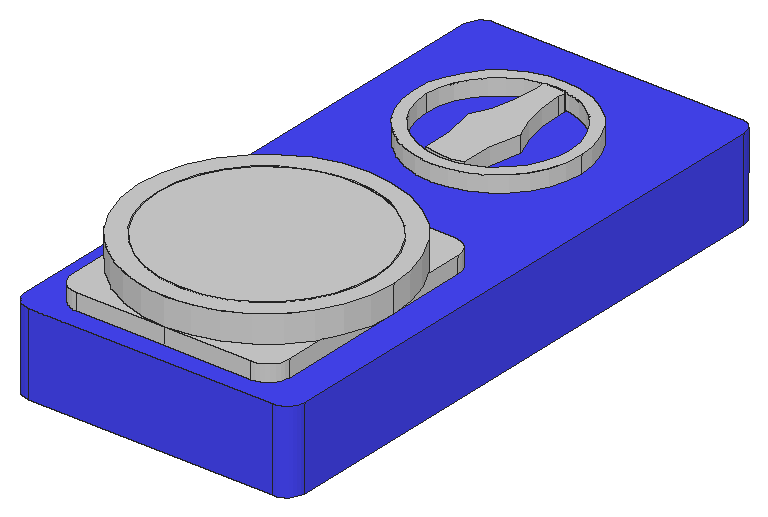
Revit family "Building-ConnessioniIEC309-GEWISS-67IB-PRESE-INTERBLOCCATE_IP67_SENZA_FONDO_63A_FUS", category Apparecchi elettrici, host Superficie, Revit 2019
Family settings
  Host = Superficie
  Mantenere orientamento annotazione = Sì
  Quota connettore circolare = Usa diametro
  Tipo di parte = Normale
  Taglio con vuoti quando caricato = Sì
  Condiviso = Sì
  Punto di calcolo locali = Sì
Parameters (values of type "GW66355N - PR.BL IP67 S.F.3P+N+T 63A 500V 7H CBF")
  presa = rosso
  giallo = 0 mm
  dist_piano [instance] = 0 mm
  Vista_2d_pianta [instance] = yes
  Versione file RFA = "21.4"
  URL = "https://www.gewiss.com/it/it"
  Tipologia = "Verticale"
  Tipo fusibile = "Ø 22x58 mm"
  Termopressione con biglia = "125 °C"
  Tensione nominale: = "480 - 500 V"
  Tensione nominale di tenuta ad impulso = "4KV"
  Tensione nominale di isolamento (Ui) = "500V"
  Tensione nominale = "480 - 500 V"
  Temperatura di utilizzo = "-25 +40 °C"
  Temperatura di funzionamento = "-25 ÷ +40 °C"
  Struttura = Grigio RAL - 7035
  Simbolo presa = PRESAINDSTAGNA : 3P
  Simbolo [instance] = no
  Simb_circuito [instance] = not(Simbolo)  # yes
  Scheda Tecnica = "https://www.gewiss.com/it/it/search?q=GW66355N"
  SEO = "Presa"
  Riferimento h = "7"
  Resistenza agli urti = "IK08"
  Protezione = "Base portafusibile (CBF)"
  Default Elevation = 1219.2 mm
  Produttore = "GEWISS S.p.A."
  Potere di interruzione fusibili = "> 50 kA"
  Peso (kg) = "Max. 2,2 Kg"
  Peso = "Max. 2,2 Kg"
  Numero di poli = "3P+N+T"
  N. poli = "3P+N+T"
  Modello = "GW66355N"
  Immagine tipo = H.jpg
  IDT = "4db8474b-84e3-4347-92c1-42259bd8bc9a"
  IDF = "4c4d9059-d908-47b0-b065-80ef8b62f6a7"
  Grado di protezione = "IP67"
  Glow wire test: = "850 °C"
  Glow Wire Test = "850 °C"
  Frequenza nominale (Hz) = "50/60 Hz"
  Frequenza = "50/60 Hz"
  Distanza x [instance] = 0 mm
  Distanza orizzontale simbolo [instance] = 0 mm
  Distanza effettiva x [instance] = 1500 mm - Distanza x  # 1500 mm
  Descrizione = "PR.BL IP67 S.F.3P+N+T 63A 500V 7H CBF"
  Creato da GEWISS S.p.A. = ""
  Corrente nominale di cortocircuito (Icc) = "10KA"
  Corrente nominale (In) presa IB = "48A"
  Corrente nominale (In) = "63"
  Corrente nominale (A) = "63"
  Corpo presa = GEWISS -BLU
  Cornice simbolo [instance] = yes
  Con fondo = "No"
  Colore: = "Nero"
  Colore = "Nero"
  Codice Electrocod = "2222"
  Codice EAN = "8011564742109"
  Catalogo Serie = "67 IB"
  Catalogo = "BUILDING"
  COBie.Tagnumber = ""
  COBie.CreatedOn = ""
  COBie.CreatebBy = ""
  COBie.ComponentRegisterItemID = ""
  COBie.Component.TagNumber = ""
  COBie.Component.Space = ""
  COBie.Component.SerialNumber = ""
  COBie.Component.InstallationDate = ""
  COBie.Component.Description = ""
  COBie.Component.BarCode = ""
Types (11, lengths in mm): name | Tensione nominale: | Tensione nominale | Scheda Tecnica | Riferimento h | Numero di poli | N. poli | Modello | IDT | Descrizione | Corrente nominale (In) presa IB | Colore: | Colore | Codice EAN
  GW66345N - PR.BL IP67 S.F.2P+T 63A 110V 4H CBF | "100 - 130 V" | "100 - 130 V" | "https://www.gewiss.com/it/it/search?q=GW66345N" | "4" | "2P+T" | "2P+T" | "GW66345N" | "4b837fe5-e4c2-4626-a97d-cca6ee99e685" | "PR.BL IP67 S.F.2P+T 63A 110V 4H CBF" | "54A" | "Giallo" | "Giallo" | "8011564742000"
  GW66346N - PR.BL IP67 S.F.3P+T 63A 110V 4H CBF | "100 - 130 V" | "100 - 130 V" | "https://www.gewiss.com/it/it/search?q=GW66346N" | "4" | "3P+T" | "3P+T" | "GW66346N" | "4c4410a6-467e-420a-9df7-8cc6c2932e27" | "PR.BL IP67 S.F.3P+T 63A 110V 4H CBF" | "52A" | "Giallo" | "Giallo" | "8011564742017"
  GW66347N - PR.BL IP67 S.F.3P+N+T 63A 110V 4H CBF | "100 - 130 V" | "100 - 130 V" | "https://www.gewiss.com/it/it/search?q=GW66347N" | "4" | "3P+N+T" | "3P+N+T" | "GW66347N" | "509b2adc-6624-4ef6-a389-740a951d5000" | "PR.BL IP67 S.F.3P+N+T 63A 110V 4H CBF" | "48A" | "Giallo" | "Giallo" | "8011564742024"
  GW66348N - PR.BL IP67 S.F.2P+T 63A 230V 6H CBF | "200 - 250 V" | "200 - 250 V" | "https://www.gewiss.com/it/it/search?q=GW66348N" | "6" | "2P+T" | "2P+T" | "GW66348N" | "b3ab9795-cf69-4349-9b47-740c6045b857" | "PR.BL IP67 S.F.2P+T 63A 230V 6H CBF" | "54A" | "Blu" | "Blu" | "8011564742031"
  GW66349N - PR.BL IP67 S.F.3P+T 63A 230V 9H CBF | "200 - 250 V" | "200 - 250 V" | "https://www.gewiss.com/it/it/search?q=GW66349N" | "9" | "3P+T" | "3P+T" | "GW66349N" | "02896c08-89f6-43bd-8194-13a8c1370ac5" | "PR.BL IP67 S.F.3P+T 63A 230V 9H CBF" | "52A" | "Blu" | "Blu" | "8011564742048"
  GW66350N - PR.BL IP67 S.F.3P+N+T 63A 230V 9H CBF | "200 - 250 V" | "200 - 250 V" | "https://www.gewiss.com/it/it/search?q=GW66350N" | "9" | "3P+N+T" | "3P+N+T" | "GW66350N" | "41c149cf-6bbd-433c-a3c7-372eb4135184" | "PR.BL IP67 S.F.3P+N+T 63A 230V 9H CBF" | "48A" | "Blu" | "Blu" | "8011564742055"
  GW66351N - PR.BL IP67 S.F.2P+T 63A 400V 9H CBF | "380 - 415 V" | "380 - 415 V" | "https://www.gewiss.com/it/it/search?q=GW66351N" | "9" | "2P+T" | "2P+T" | "GW66351N" | "141da110-bcb7-4cb5-b342-2def1369f166" | "PR.BL IP67 S.F.2P+T 63A 400V 9H CBF" | "54A" | "Rosso" | "Rosso" | "8011564742062"
  GW66352N - PR.BL IP67 S.F.3P+T 63A 400V 6H CBF | "380 - 415 V" | "380 - 415 V" | "https://www.gewiss.com/it/it/search?q=GW66352N" | "6" | "3P+T" | "3P+T" | "GW66352N" | "225a84bf-1993-4016-8b32-75fc2fcac37d" | "PR.BL IP67 S.F.3P+T 63A 400V 6H CBF" | "52A" | "Rosso" | "Rosso" | "8011564742079"
  GW66353N - PR.BL IP67 S.F.3P+N+T 63A 400V 6H CBF | "380 - 415 V" | "380 - 415 V" | "https://www.gewiss.com/it/it/search?q=GW66353N" | "6" | "3P+N+T" | "3P+N+T" | "GW66353N" | "61b4eed7-4850-4a25-95e5-51eea97569ed" | "PR.BL IP67 S.F.3P+N+T 63A 400V 6H CBF" | "48A" | "Rosso" | "Rosso" | "8011564742086"
  GW66354N - PR.BL IP67 S.F.3P+T 63A 500V 7H CBF | "480 - 500 V" | "480 - 500 V" | "https://www.gewiss.com/it/it/search?q=GW66354N" | "7" | "3P+T" | "3P+T" | "GW66354N" | "96b87499-3bd7-40db-951f-f2ee8e7f33d6" | "PR.BL IP67 S.F.3P+T 63A 500V 7H CBF" | "52A" | "Nero" | "Nero" | "8011564742093"
  GW66355N - PR.BL IP67 S.F.3P+N+T 63A 500V 7H CBF | "480 - 500 V" | "480 - 500 V" | "https://www.gewiss.com/it/it/search?q=GW66355N" | "7" | "3P+N+T" | "3P+N+T" | "GW66355N" | "4db8474b-84e3-4347-92c1-42259bd8bc9a" | "PR.BL IP67 S.F.3P+N+T 63A 500V 7H CBF" | "48A" | "Nero" | "Nero" | "8011564742109"
Reference planes
  plane 1 "Centro (Fronte/Retro)": y = 0
  plane 2: z = 0
  plane 3 "Centro (Sinistra/Destra)": x = 0
  plane 4: z = -2
  plane 5: x = 0
  plane 6: x = -1500
  plane 7: x = 0
  plane 8: through (-170.762, -4572, -38.353) normal (-0.6157, 0, 0.788)
  plane 9: x = -51.152
  plane 10: x = 53.222
  plane 11: z = -2
  plane 12: y = -110
  plane 13: y = 110
  plane 14: z = -2
  plane 15: z = 45
Forms (mm)
  Extrusion 1, solid, detail levels coarse
    sketch origin (0, 0, 0) x (1, 0, 0) y (0, 0, 1)
      loop
        line (-51.152, 45) -> (-51.152, -2) -> (53.222, -2) -> (53.222, 45) -> (-51.152, 45)
    from -108.895 to 109.105
Lines and regions (mm)
  Masking region 1, visible <- "Vista_2d_pianta"
    outline origin (0, 0, 0) x (1, 0, 0) y (0, 0, 1)
      loop
        line (-50.384, 28) -> (-50.384, -2) -> (52.616, -2) -> (52.616, 28) -> (-50.384, 28)
  Masking region 2, visible <- "Vista_2d_pianta"
    outline origin (0, 0, 0) x (1, 0, 0) y (0, 0, 1)
      loop
        line (-40, 34) -> (-40, 28) -> (40, 28) -> (40, 34) -> (-40, 34)
  Masking region 3, visible <- "Vista_2d_pianta"
    outline origin (0, 0, 0) x (1, 0, 0) y (0, 0, 1)
      loop
        line (-46.899, 34) -> (46.899, 34) -> (46.899, 44) -> (-46.899, 44) -> (-46.899, 34)
Dimensions and locks
  locked: plane 2 to plane 4 at 2
  "Distanza effettiva x": plane 5 to plane 6
  plane 3 "Centro (Sinistra/Destra)" to plane 6 = 1500 mm
  plane 6 to plane 5 = 1500 mm
  "Distanza effettiva x": plane 6 to plane 7
  locked: plane 9 to Masking region 1 at 0.768
  locked: Masking region 1 to plane 10 at 0.606
  "dist_piano": plane 14 to plane 4
  equal spacing: plane 12, plane 1 "Centro (Fronte/Retro)", plane 13
  locked: plane 12 to plane 13 at 220
  locked: plane 11 to plane 14 at 0
  locked: plane 15 to plane 11 at 47
  angle plane 8 to plane 4 = 142.00°
  angle plane 7 to plane 8 = 128.00°
  aligned and locked: plane 2 to host face
  aligned and locked: level to host face
  aligned and locked: plane 3 "Centro (Sinistra/Destra)" to nested 1
  aligned and locked: Masking region 1 sketch curve to nested 1  (x4)
  aligned and locked: Masking region 2 sketch curve to nested 1  (x4)
  aligned and locked: Extrusion 1 sketch curve to plane 9
  aligned and locked: Extrusion 1 sketch curve to plane 10
  aligned and locked: nested 1 to plane 11
  aligned and locked: Masking region 3 sketch curve to nested 1  (x4)
  aligned and locked: Extrusion 1 to plane 14
  aligned and locked: plane 15 to Extrusion 1
  aligned and locked: plane 7 to nested 2
  aligned and locked: plane 7 to nested 3
Automatic sketch dimensions
  host sketch curve to host sketch curve = 2438.4 mm  (x2)
  Extrusion 1 sketch curve to plane 11 = 0 mm
  plane 11 to Extrusion 1 sketch curve = 47 mm
Nested families
  nested 1: "IB PRESE INTERBLOC VERT_NO FONDO" at (0, 0, -2), type "IB PRESE INTERBLOC VERT_NO FONDO", detail levels medium+fine
  nested 2: "simbolo_circuitoGW66324N" at (0, 30.442, 0), Distanza dal muro <- "Distanza orizzontale simbolo", SIMBOLO ACCESO <- "Simb_circuito", visible <- "Simb_circuito", type "3P"
    with SIMBOLO ACCESO yes, Distanza dal muro 0 mm, BORDO ACCESO yes
  nested 3: "PRESAINDPFUS_BASE" at (0, 23.722, 0), visible <- "Simbolo", type "2P"
Definition of nested family "IB PRESE INTERBLOC VERT_NO FONDO"
  Parameters (values of type "IB PRESE INTERBLOC VERT_NO FONDO")
    corpo presa = none
    Struttura = none
    Spessore = 30 mm
    Raggio = 40 mm
    Default Elevation = 14 mm
    Presa = none
    Lunghezza = 103 mm
    IFC.TypeObject = ""
    IFC.ExportType = ""
    IFC.ExportAs = ""
    H_da terra = 586.883 mm
    COBie.CreatedOn = ""
    COBie.CreatebBy = ""
    COBie.ComponentRegisterItemID = ""
    COBie.Component.TagNumber = ""
    COBie.Component.Space = ""
    COBie.Component.SerialNumber = ""
    COBie.Component.InstallationDate = ""
    COBie.Component.Description = ""
    COBie.Component.BarCode = ""
    Altezza = 220 mm
  Reference planes
    plane 1 "Centro (Fronte/Retro)": y = 0
    plane 2: z = 0
    plane 3 "Centro (Sinistra/Destra)": x = 0
    plane 4: z = 6.883
    plane 5: z = 10.499
    plane 6 "presa": z = 46
    plane 7: z = 36
    plane 8: z = 30
    plane 9: x = -40
    plane 10: x = 40
    plane 11: y = -5.355
    plane 12: y = -98.612
    plane 13: y = -51.359
  Forms (mm)
    Extrusion 1, solid, material <- "Struttura"
      sketch origin (0, -697.104, -30) x (1, 0, 0) y (0, 1, 0)
        loop
          line (-0.408, 691.748) -> (-32.003, 691.748)
          spline (-32.003, 691.748) -> (-33.047, 691.681) -> (-34.073, 691.48) -> (-35.063, 691.148) -> (-36.002, 690.693) -> (-36.871, 690.12) -> (-37.658, 689.441) -> (-38.347, 688.666) -> (-38.929, 687.809) -> (-39.391, 686.885) -> (-39.728, 685.909) -> (-39.932, 684.898) -> (-40, 683.87)
          line (-40, 683.87) -> (-40, 606.37)
          spline (-40, 606.37) -> (-39.932, 605.341) -> (-39.728, 604.331) -> (-39.391, 603.355) -> (-38.929, 602.43) -> (-38.347, 601.574) -> (-37.658, 600.799) -> (-36.871, 600.119) -> (-36.002, 599.547) -> (-35.063, 599.091) -> (-34.073, 598.76) -> (-33.047, 598.559) -> (-32.003, 598.491)
          line (-32.003, 598.491) -> (0, 598.491) -> (32.003, 598.491)
          spline (32.003, 598.491) -> (33.047, 598.559) -> (34.073, 598.76) -> (35.063, 599.091) -> (36.002, 599.547) -> (36.871, 600.119) -> (37.658, 600.799) -> (38.347, 601.574) -> (38.929, 602.43) -> (39.391, 603.355) -> (39.728, 604.331) -> (39.932, 605.341) -> (40, 606.37)
          line (40, 606.37) -> (40, 683.87)
          spline (40, 683.87) -> (39.932, 684.898) -> (39.728, 685.909) -> (39.391, 686.885) -> (38.929, 687.809) -> (38.347, 688.666) -> (37.658, 689.441) -> (36.871, 690.12) -> (36.002, 690.693) -> (35.063, 691.148) -> (34.073, 691.48) -> (33.047, 691.681) -> (32.003, 691.748)
          line (32.003, 691.748) -> (-0.408, 691.748)
      from 60 to 66
    Extrusion 2, solid, material <- "Presa"
      sketch origin (0, -700.854, -30) x (1, 0, 0) y (0, 1, 0)
        loop
          circle (0, 649.495) r 46.899
        loop
          circle (0, 649.495) r 40
      from 66 to 76
    Extrusion 3, solid, material <- "Struttura"
      sketch origin (0, -697.104, -30) x (1, 0, 0) y (0, 1, 0)
        loop
          circle (0, 752.384) r 30.831
        loop
          circle (0, 752.384) r 26.483
      from 60 to 66
    Extrusion 4, solid, material <- "Struttura"
      sketch origin (0, -697.104, -30) x (1, 0, 0) y (0, 1, 0)
        loop
          arc (-9.552, 750.899) -> (-7.429, 739.645) -> (-7.314, 728.193) r 64.983
          arc (-7.314, 728.193) -> (-0.131, 727.067) -> (7.064, 728.115) r 24.316
          arc (7.064, 728.115) -> (7.302, 739.566) -> (9.547, 750.796) r 64.983
          arc (9.547, 750.796) -> (5.519, 762.425) -> (4.215, 774.661) r 54.251
          line (4.215, 774.661) -> (4.25, 777.658)
          arc (4.25, 777.658) -> (3.985, 778.329) -> (3.336, 778.647) r 1
          arc (3.336, 778.647) -> (0.147, 778.794) -> (-3.043, 778.682) r 39.364
          arc (-3.043, 778.682) -> (-3.695, 778.371) -> (-3.967, 777.702) r 1
          line (-3.967, 777.702) -> (-3.964, 774.706)
          arc (-3.964, 774.706) -> (-5.4, 762.483) -> (-9.552, 750.899) r 54.251
      from 60 to 66
    Extrusion 5, solid, material <- "corpo presa"
      sketch origin (-2.5, -699.604, -30) x (1, 0, 0) y (0, 1, 0)
        loop
          arc (55.116, 802.193) -> (53.269, 806.652) -> (48.81, 808.499) r 6.306
          line (48.81, 808.499) -> (-41.578, 808.499)
          arc (-41.578, 808.499) -> (-46.037, 806.652) -> (-47.884, 802.193) r 6.306
          line (-47.884, 802.193) -> (-47.884, 600.052)
          arc (-47.884, 600.052) -> (-45.976, 595.446) -> (-41.369, 593.537) r 6.515
          line (-41.369, 593.537) -> (48.601, 593.537)
          arc (48.601, 593.537) -> (53.208, 595.446) -> (55.116, 600.052) r 6.515
          line (55.116, 600.052) -> (55.116, 802.193)
      from 30 to 60
    Extrusion 6, solid, material <- "Struttura", not visible
      sketch origin (0, 47.014, -580) x (1, 0, 0) y (0, 0, 1)
        loop
          line (-0.408, 691.748) -> (-29.506, 691.748)
          spline (-29.506, 691.748) -> (-30.55, 691.681) -> (-31.576, 691.48) -> (-32.567, 691.148) -> (-33.505, 690.693) -> (-34.375, 690.12) -> (-35.161, 689.441) -> (-35.851, 688.666) -> (-36.432, 687.809) -> (-36.895, 686.885) -> (-37.231, 685.909) -> (-37.435, 684.898) -> (-37.503, 683.87)
          line (-37.503, 683.87) -> (-37.503, 615.12)
          spline (-37.503, 615.12) -> (-37.435, 614.091) -> (-37.231, 613.081) -> (-36.895, 612.105) -> (-36.432, 611.18) -> (-35.851, 610.324) -> (-35.161, 609.549) -> (-34.375, 608.869) -> (-33.505, 608.297) -> (-32.567, 607.841) -> (-31.576, 607.51) -> (-30.55, 607.309) -> (-29.506, 607.241)
          line (-29.506, 607.241) -> (0, 607.241) -> (29.506, 607.241)
          spline (29.506, 607.241) -> (30.55, 607.309) -> (31.576, 607.51) -> (32.567, 607.841) -> (33.505, 608.297) -> (34.375, 608.869) -> (35.161, 609.549) -> (35.851, 610.324) -> (36.432, 611.18) -> (36.895, 612.105) -> (37.231, 613.081) -> (37.435, 614.091) -> (37.503, 615.12)
          line (37.503, 615.12) -> (37.503, 683.87)
          spline (37.503, 683.87) -> (37.435, 684.898) -> (37.231, 685.909) -> (36.895, 686.885) -> (36.432, 687.809) -> (35.851, 688.666) -> (35.161, 689.441) -> (34.375, 690.12) -> (33.505, 690.693) -> (32.567, 691.148) -> (31.576, 691.48) -> (30.55, 691.681) -> (29.506, 691.748)
          line (29.506, 691.748) -> (-0.408, 691.748)
      from 51.991 to 55.821
    Extrusion 7, solid, material <- "Presa", not visible
      sketch origin (0, 47.014, -580) x (1, 0, 0) y (0, 0, 1)
        loop
          circle (0, 646.456) r 46.899
      from 55.821 to 62.709
    Extrusion 8, solid, material <- "Struttura", not visible
      sketch origin (0, 47.014, -580) x (1, 0, 0) y (0, 0, 1)
        loop
          circle (0, 752.384) r 30.831
        loop
          circle (0, 752.384) r 26.483
      from 51.991 to 62.709
    Extrusion 9, solid, material <- "Struttura", not visible
      sketch origin (0, 47.014, -580) x (1, 0, 0) y (0, 0, 1)
        loop
          arc (-9.552, 750.899) -> (-7.429, 739.645) -> (-7.314, 728.193) r 64.983
          arc (-7.314, 728.193) -> (-0.131, 727.067) -> (7.064, 728.115) r 24.316
          arc (7.064, 728.115) -> (7.302, 739.566) -> (9.547, 750.796) r 64.983
          arc (9.547, 750.796) -> (5.519, 762.425) -> (4.215, 774.661) r 54.251
          line (4.215, 774.661) -> (4.25, 777.658)
          arc (4.25, 777.658) -> (3.985, 778.329) -> (3.336, 778.647) r 1
          arc (3.336, 778.647) -> (0.147, 778.794) -> (-3.043, 778.682) r 39.364
          arc (-3.043, 778.682) -> (-3.695, 778.371) -> (-3.967, 777.702) r 1
          line (-3.967, 777.702) -> (-3.964, 774.706)
          arc (-3.964, 774.706) -> (-5.4, 762.483) -> (-9.552, 750.899) r 54.251
      from 51.991 to 62.709
    Extrusion 10, solid, material <- "corpo presa", not visible
      sketch origin (0, 47.014, -580) x (1, 0, 0) y (0, 0, 1)
        loop
          arc (47.884, 796.962) -> (46.037, 801.42) -> (41.578, 803.267) r 6.306
          line (41.578, 803.267) -> (-41.578, 803.267)
          arc (-41.578, 803.267) -> (-46.037, 801.42) -> (-47.884, 796.962) r 6.306
          line (-47.884, 796.962) -> (-47.884, 597.014)
          arc (-47.884, 597.014) -> (-45.976, 592.407) -> (-41.369, 590.499) r 6.515
          line (-41.369, 590.499) -> (41.369, 590.499)
          arc (41.369, 590.499) -> (45.976, 592.407) -> (47.884, 597.014) r 6.515
          line (47.884, 597.014) -> (47.884, 796.962)
      from 30 to 51.991
    Extrusion 11, solid, material <- "Struttura"
      sketch origin (1.116, -3.75, 0) x (1, 0, 0) y (0, 1, 0)
        loop
          circle (-1.116, -47.609) r 40
      from 36 to 46
  Lines and regions (mm)
    symbolic lines
      curve 1: line (0, 0, 46) -> (0, -106.066, 46)
      curve 2: line (-40, -51.359, 46) -> (40, -51.359, 46)
  Dimensions and locks
    locked: plane 5 to plane 4 at 3.616
    Extrusion 5 sketch curve to Extrusion 5 sketch curve = 103 mm
    plane 6 "presa" to plane 2 = 46 mm
    locked: plane 7 to plane 6 "presa" at 10
    plane 8 to plane 2 = 30 mm
    locked: plane 8 to plane 7 at 6
    equal spacing: plane 9, plane 3 "Centro (Sinistra/Destra)", plane 10
    locked: plane 9 to plane 10 at 80
    Extrusion 1 to Extrusion 1 = 93.257 mm
    "Raggio": radius of Extrusion 11 sketch curve
    "Raggio": radius of Extrusion 2 sketch curve
    aligned and locked: level to plane 2
    aligned and locked: Extrusion 3 to Extrusion 5
    aligned and locked: Extrusion 4 to Extrusion 3
    aligned and locked: Extrusion 3 to Extrusion 4
    aligned and locked: Extrusion 2 to Extrusion 1
    aligned and locked: Extrusion 5 to level
    aligned and locked: plane 6 "presa" to Extrusion 2
    aligned and locked: Extrusion 11 to Extrusion 1
    aligned and locked: plane 6 "presa" to Extrusion 11
    aligned and locked: Extrusion 1 to plane 7
    aligned and locked: Extrusion 5 to plane 8
    aligned and locked: plane 8 to Extrusion 1
    aligned and locked: Extrusion 3 to plane 7
    aligned and locked: curve 1 to plane 3 "Centro (Sinistra/Destra)"
    aligned and locked: Extrusion 1 sketch curve to plane 9
    aligned and locked: Extrusion 1 sketch curve to plane 10
    aligned and locked: plane 12 to Extrusion 1 sketch curve
    aligned and locked: curve 2 to plane 13
    aligned and locked: plane 3 "Centro (Sinistra/Destra)" to Extrusion 11 sketch curve
    aligned and locked: plane 13 to Extrusion 11 sketch curve
  Automatic sketch dimensions
    Extrusion 1 sketch curve to plane 3 "Centro (Sinistra/Destra)" = 0 mm
    Extrusion 1 sketch curve to plane 3 "Centro (Sinistra/Destra)" = 0.408 mm
    Extrusion 1 sketch curve to Extrusion 1 sketch curve = 32.003 mm
    plane 1 "Centro (Fronte/Retro)" to Extrusion 1 sketch curve = 5.355 mm
    Extrusion 1 sketch curve to Extrusion 1 sketch curve = 7.997 mm  (x2)
    plane 3 "Centro (Sinistra/Destra)" to Extrusion 1 sketch curve = 32.003 mm
    Extrusion 1 sketch curve to Extrusion 1 sketch curve = 7.878 mm  (x3)
    Extrusion 3 sketch curve to Extrusion 3 sketch curve = 0 mm  (x2)
    Extrusion 3 sketch curve to plane 3 "Centro (Sinistra/Destra)" = 0 mm
    Extrusion 3 sketch curve to plane 1 "Centro (Fronte/Retro)" = 55.28 mm
    Extrusion 4 sketch curve to plane 3 "Centro (Sinistra/Destra)" = 0 mm
    Extrusion 4 sketch curve to plane 3 "Centro (Sinistra/Destra)" = 0.064 mm
    Extrusion 4 sketch curve to plane 3 "Centro (Sinistra/Destra)" = 2.967 mm
    Extrusion 4 sketch curve to Extrusion 4 sketch curve = 0.997 mm
    Extrusion 4 sketch curve to Extrusion 4 sketch curve = 1 mm  (x2)
    Extrusion 4 sketch curve to Extrusion 4 sketch curve = 54.251 mm
    Extrusion 4 sketch curve to Extrusion 4 sketch curve = 13.883 mm
    plane 3 "Centro (Sinistra/Destra)" to Extrusion 4 sketch curve = 3.25 mm
    Extrusion 4 sketch curve to Extrusion 4 sketch curve = 0.965 mm
    Extrusion 4 sketch curve to Extrusion 4 sketch curve = 54.25 mm
    Extrusion 4 sketch curve to Extrusion 4 sketch curve = 13.435 mm
    Extrusion 4 sketch curve to plane 1 "Centro (Fronte/Retro)" = 35.393 mm
    Extrusion 4 sketch curve to plane 1 "Centro (Fronte/Retro)" = 36.167 mm
    Extrusion 4 sketch curve to plane 1 "Centro (Fronte/Retro)" = 42.327 mm
    Extrusion 4 sketch curve to Extrusion 4 sketch curve = 11.953 mm
    Extrusion 4 sketch curve to Extrusion 4 sketch curve = 41.757 mm
    Extrusion 4 sketch curve to Extrusion 4 sketch curve = 23.278 mm
    Extrusion 4 sketch curve to Extrusion 4 sketch curve = 0.044 mm
    Extrusion 4 sketch curve to Extrusion 4 sketch curve = 41.61 mm
    Extrusion 4 sketch curve to Extrusion 4 sketch curve = 2.99 mm
    Extrusion 4 sketch curve to Extrusion 4 sketch curve = 0.007 mm
    Extrusion 4 sketch curve to Extrusion 4 sketch curve = 2.979 mm
    Extrusion 4 sketch curve to Extrusion 4 sketch curve = 0.018 mm
    Extrusion 4 sketch curve to Extrusion 4 sketch curve = 0 mm
    Extrusion 4 sketch curve to plane 3 "Centro (Sinistra/Destra)" = 7.314 mm
    Extrusion 4 sketch curve to Extrusion 4 sketch curve = 9.552 mm
    plane 3 "Centro (Sinistra/Destra)" to Extrusion 4 sketch curve = 7.064 mm
    Extrusion 5 sketch curve to plane 3 "Centro (Sinistra/Destra)" = 50.384 mm
    Extrusion 5 sketch curve to Extrusion 5 sketch curve = 6.306 mm  (x2)
    Extrusion 5 sketch curve to Extrusion 5 sketch curve = 6.515 mm  (x2)
    Extrusion 5 sketch curve to plane 1 "Centro (Fronte/Retro)" = 102.59 mm
    Extrusion 1 sketch curve to plane 12 = 7.878 mm
    plane 12 to Extrusion 5 sketch curve = 0.939 mm
    plane 1 "Centro (Fronte/Retro)" to curve 1 = 0 mm
    curve 2 to plane 9 = 0 mm
    curve 2 to plane 10 = 0 mm
    plane 12 to curve 1 = 7.454 mm
    Extrusion 2 sketch curve to Extrusion 2 sketch curve = 0 mm  (x2)
    Extrusion 2 sketch curve to plane 3 "Centro (Sinistra/Destra)" = 0 mm
    Extrusion 2 sketch curve to plane 13 = 0 mm
    radius of Extrusion 3 sketch curve = 30.831 mm
    radius of Extrusion 3 sketch curve = 26.483 mm
    radius of Extrusion 2 sketch curve = 46.899 mm
Definition of nested family "simbolo_circuitoGW66324N"
  Parameters (values of type "3P")
    SIMBOLO ACCESO [instance] = yes
    SIMBOLO = PRESAINDSTAGNA_BASE : 3P
    Distanza dal muro [instance] = 0 mm
    BORDO ACCESO [instance] = yes
  Reference planes
    plane 1: y = 0
    plane 2: x = 0
  Dimensions and locks
    "Distanza dal muro": plane 1 to nested 1
    aligned and locked: plane 2 to nested 1
  Nested families
    nested 1: "GW66201N-simb_base_di circuito" at (0, 0, 0), visible <- "SIMBOLO ACCESO", type "3P"
      with CORNICE SIMBOLO yes
  Definition of nested family "GW66201N-simb_base_di circuito"
    Parameters (values of type "3P")
      CORNICE SIMBOLO [instance] = yes
      3P = yes
    Types (2, lengths in mm): name | 3P
      3P | yes
      2P | no
    Reference planes
      plane 1: y = 0
      plane 2: x = 0
    Lines and regions (mm)
      detail lines, not visible
        curve 1: line (-2.443, 10.208, 0) -> (2.057, 10.208, 0)
        curve 2: line (2.057, 10.208, 0) -> (2.057, 4.208, 0)
        curve 3: line (2.057, 4.208, 0) -> (-2.443, 4.208, 0)
        curve 4: line (-2.443, 4.208, 0) -> (-2.443, 10.208, 0)
        curve 5: line (-2.043, 9.808, 0) -> (1.657, 9.808, 0)
        curve 6: line (1.657, 9.808, 0) -> (1.657, 4.608, 0)
        curve 7: line (1.657, 4.608, 0) -> (-2.043, 4.608, 0)
        curve 8: line (-2.043, 4.608, 0) -> (-2.043, 9.808, 0)
    Dimensions and locks
      aligned and locked: import instance to plane 2
      aligned and locked: plane 1 to import instance
Definition of nested family "PRESAINDPFUS_BASE"
  Parameters (values of type "2P")
    DIS [instance] = 0 mm
    CORNICE SIMBOLO [instance] = yes
    3P = no
  Reference planes
    plane 1: y = 0
    plane 2: x = 0
  Lines and regions (mm)
    detail lines, visible <- "CORNICE SIMBOLO"
      curve 1: line (-0.9, 2.3, 0) -> (0.9, 2.3, 0)
      curve 2: line (0.9, 2.3, 0) -> (0.9, 0, 0)
      curve 3: line (0.9, 0, 0) -> (-0.9, 0, 0)
      curve 4: line (-0.9, 0, 0) -> (-0.9, 2.3, 0)
    detail lines, not visible
      curve 5: line (-2.443, 10.208, 0) -> (2.057, 10.208, 0)
      curve 6: line (2.057, 10.208, 0) -> (2.057, 4.208, 0)
      curve 7: line (2.057, 4.208, 0) -> (-2.443, 4.208, 0)
      curve 8: line (-2.443, 4.208, 0) -> (-2.443, 10.208, 0)
      curve 9: line (-2.043, 9.808, 0) -> (1.657, 9.808, 0)
      curve 10: line (1.657, 9.808, 0) -> (1.657, 4.608, 0)
      curve 11: line (1.657, 4.608, 0) -> (-2.043, 4.608, 0)
      curve 12: line (-2.043, 4.608, 0) -> (-2.043, 9.808, 0)
      curve 35: line (-0.45, 0.969, 0) -> (-0.167, 0.969, 0)
      curve 36: line (-0.167, 0.969, 0) -> (0.33, 1.829, 0)
      curve 37: line (0.33, 1.829, 0) -> (0.836, 1.536, 0)
      curve 38: line (-0.167, 0.969, 0) -> (-0.45, 0.478, 0)
      curve 39: line (-0.45, 0.478, 0) -> (-0.45, 2.241, 0)
      curve 40: line (0.135, 1.491, 0) -> (0.641, 1.199, 0)
      curve 41: line (-0.84, 0.478, 0) -> (-0.06, 0.478, 0)
      curve 42: line (-0.45, 0.852, 0) -> (-0.333, 0.969, 0)
      curve 43: line (-0.45, 0.783, 0) -> (-0.264, 0.969, 0)
      curve 44: line (-0.45, 0.714, 0) -> (-0.195, 0.969, 0)
      curve 45: line (-0.45, 0.645, 0) -> (-0.223, 0.872, 0)
      curve 46: line (-0.45, 0.576, 0) -> (-0.317, 0.709, 0)
      curve 48: arc (-0.84, 0.089, 0) -> (-0.45, 0.478, 0) -> (-0.06, 0.089, 0) r 0.39
      curve 49: line (-0.608, 1.143, 0) -> (-0.608, 1.964, 0)
      curve 50: line (-0.608, 1.964, 0) -> (-0.292, 1.964, 0)
      curve 51: line (-0.292, 1.964, 0) -> (-0.292, 1.143, 0)
      curve 52: line (-0.292, 1.143, 0) -> (-0.608, 1.143, 0)
    detail lines
      curve 13: line (-0.45, 0.969, 0) -> (-0.167, 0.969, 0)
      curve 14: line (-0.167, 0.969, 0) -> (0.33, 1.829, 0)
      curve 15: line (0.33, 1.829, 0) -> (0.836, 1.536, 0)
      curve 16: line (-0.167, 0.969, 0) -> (-0.45, 0.478, 0)
      curve 17: line (-0.45, 0.478, 0) -> (-0.45, 2.241, 0)
      curve 18: line (0.135, 1.491, 0) -> (0.641, 1.199, 0)
      curve 19: line (-0.84, 0.478, 0) -> (-0.06, 0.478, 0)
      curve 20: line (-0.45, 0.852, 0) -> (-0.333, 0.969, 0)
      curve 21: line (-0.45, 0.783, 0) -> (-0.264, 0.969, 0)
      curve 22: line (-0.45, 0.714, 0) -> (-0.195, 0.969, 0)
      curve 23: line (-0.45, 0.645, 0) -> (-0.223, 0.872, 0)
      curve 24: line (-0.45, 0.576, 0) -> (-0.317, 0.709, 0)
      curve 26: arc (-0.84, 0.089, 0) -> (-0.45, 0.478, 0) -> (-0.06, 0.089, 0) r 0.39
      curve 27: line (-0.608, 1.143, 0) -> (-0.608, 1.964, 0)
      curve 28: line (-0.608, 1.964, 0) -> (-0.292, 1.964, 0)
      curve 29: line (-0.292, 1.964, 0) -> (-0.292, 1.143, 0)
      curve 30: line (-0.292, 1.143, 0) -> (-0.608, 1.143, 0)
    detail lines, visible <- "3P"
      curve 25: line (-0.06, 1.154, 0) -> (0.446, 0.861, 0)
    detail lines, visible <- "CORNICE SIMBOLO", not visible
      curve 31: line (-0.9, 2.3, 0) -> (0.9, 2.3, 0)
      curve 32: line (0.9, 2.3, 0) -> (0.9, 0, 0)
      curve 33: line (0.9, 0, 0) -> (-0.9, 0, 0)
      curve 34: line (-0.9, 0, 0) -> (-0.9, 2.3, 0)
    detail lines, visible <- "3P", not visible
      curve 47: line (-0.06, 1.154, 0) -> (0.446, 0.861, 0)
  Dimensions and locks
    "DIS": plane 1 to curve 3
